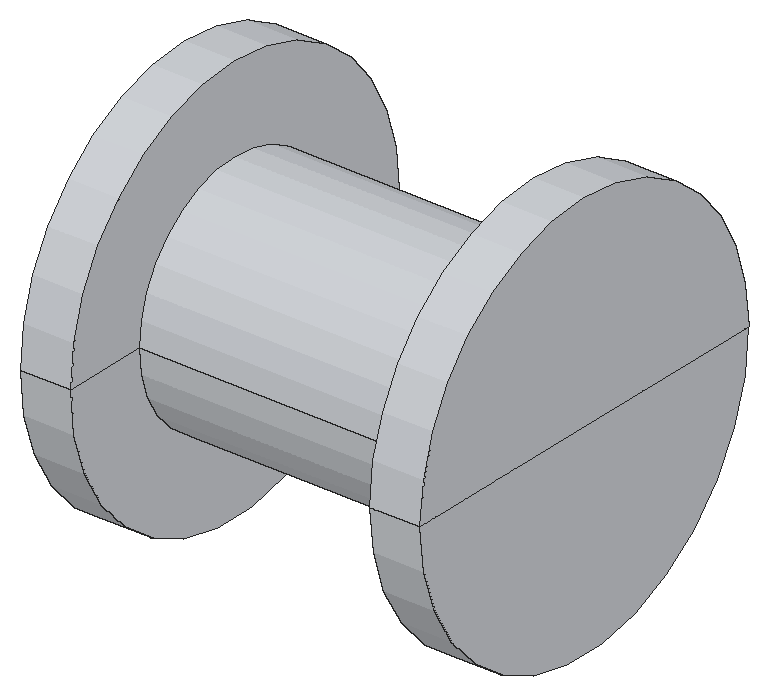
Revit family "db2185a3b821463f96a61c15aba935ff", category Pipe Fittings, Revit 2021
Family settings
  Round Connector Dimension = Use Radius
  Part Type = Union
  OmniClass Number = 23.60.30.11.14
  OmniClass Title = Pipework Fittings
  Seek Item ID = Coupling - Generic-0000-USA-ENU
  Work Plane-Based = No
  Always vertical = Yes
  Cut with Voids When Loaded = No
  Shared = No
Parameters (values of type "Standard")
  Tick Size [instance] = Socket Outside Diameter * 0.4  # 1.7920"
  Socket Outside Radius [instance] = Socket Outside Diameter / 2  # 2.2400"
  Socket Outside Diameter [instance] = size_lookup(Lookup Table Name, "SOD", 1.08 * Nominal Diameter + 1.1200", Nominal Diameter)  # 4.4800"
  Nominal Radius [instance] = 1.5000"
  Nominal Diameter [instance] = Nominal Radius * 2  # 3.0000"
  Loss Method = K Coefficient from Table
  Lookup Table Name = "Sleeve Short Solid - MJ - DI - Class 350"
  Length Not Found [instance] = if(Nominal Diameter < 14.0000", 7.5000", if(Nominal Diameter < 30.0000", 9.5000", 15.0000"))  # 7.5000"
  Length [instance] = size_lookup(Lookup Table Name, "Lgt", Length Not Found, Nominal Diameter)  # 7.5000"
  K Coefficient Table = "Reducer/Coupling/Union/Increaser"
  Gland Width [instance] = size_lookup(Lookup Table Name, "GWid", 0.03 * Nominal Diameter + 0.9400", Nominal Diameter)  # 0.9400"
  Gland Outside Radius [instance] = Gland Outside Diameter / 2  # 3.8450"
  Gland Outside Diameter [instance] = size_lookup(Lookup Table Name, "GOD", 1.16 * Nominal Diameter + 4.0300", Nominal Diameter)  # 7.6900"
  Default Elevation = 0.0000"
Reference planes (in)
  plane 1 "Center (Front/Back)": y = 0
  plane 2: z = 0
  plane 3 "Center (Left/Right)": x = 0
  plane 4: x = -3.75
  plane 5: x = 3.75
  plane 6: y = 1.792
  plane 7: y = -1.792
  plane 8: y = 2.24
  plane 9: y = 3.845
  plane 10: x = -2.81
  plane 11: x = 2.81
Forms (in)
  Revolve 1, solid, detail levels fine
    sketch origin (0, 0, 0) x (1, 0, 0) y (0, 1, 0)
      loop
        line (-3.75, 0) -> (3.75, 0) -> (3.75, 3.845) -> (2.81, 3.845) -> (2.81, 2.24) -> (-2.81, 2.24) -> (-2.81, 3.845) -> (-3.75, 3.845) -> (-3.75, 0)
      axis (-3.75, 0) -> (3.75, 0)
    angle from 0 to 360
Lines and regions (in)
  model lines, detail levels coarse+medium
    curve 1: line (-3.75, 0, 0) -> (3.75, 0, 0)
    curve 2: line (-3.75, 1.792, 0) -> (-3.75, -1.792, 0)
    curve 3: line (3.75, 1.792, 0) -> (3.75, -1.792, 0)
Dimensions and locks (in)
  equal spacing: plane 4, plane 3 "Center (Left/Right)", plane 5
  "Length": plane 4 to plane 5
  "Tick Size": plane 6 to plane 1 "Center (Front/Back)"
  "Tick Size": plane 7 to plane 1 "Center (Front/Back)"
  "Socket Outside Radius": plane 8 to plane 1 "Center (Front/Back)"
  "Gland Outside Radius": plane 9 to plane 1 "Center (Front/Back)"
  "Gland Width": plane 4 to plane 10
  "Gland Width": plane 11 to plane 5
  aligned and locked: plane 6 to curve 2
  aligned and locked: plane 7 to curve 2
  aligned and locked: curve 2 to plane 4
  aligned and locked: plane 6 to curve 3
  aligned and locked: plane 7 to curve 3
  aligned and locked: plane 5 to curve 3
  aligned and locked: plane 4 to curve 1
  aligned and locked: plane 5 to curve 1
  aligned and locked: plane 1 "Center (Front/Back)" to curve 1
  aligned and locked: plane 1 "Center (Front/Back)" to Revolve 1 sketch curve
  aligned and locked: plane 5 to Revolve 1 sketch curve
  aligned and locked: plane 11 to Revolve 1 sketch curve
  aligned and locked: Revolve 1 sketch curve to plane 9  (x2)
  aligned and locked: Revolve 1 sketch curve to plane 8
  aligned and locked: Revolve 1 sketch curve to plane 10
  aligned and locked: plane 4 to Revolve 1 sketch curve
  aligned and locked: Revolve 1 sketch curve to Revolve 1 sketch curve
Automatic sketch dimensions
  Revolve 1 sketch curve to plane 4 = 4.7500"
  Revolve 1 sketch curve to Revolve 1 sketch curve = 6.7500"
Connectors (in)
  piping at (-3.75, 0, 0), diameter 3, driven by "Nominal Radius"
    settings: on Revolve 1, index 1, connector inside diameter 3.0000", connector length 0.0000", flow factor 0, pipe flow 0 GPM, pressure drop 0.00 psi, fitting loss kfactor 0, connector angle 0.00°, fixture units 0, engagement length 0.0000", angle of deflection 0.00°, flow configuration 0, flow direction 0, fitting loss method 0, system type 28, joint type 0, gender type 0, connector reference index 2, connector utility 0, adjustable connector no, is connector primary yes, connector description ""
  piping at (3.75, 0, 0), diameter 3, driven by "Nominal Radius"
    settings: on Revolve 1, index 2, connector inside diameter 3.0000", connector length 0.0000", flow factor 0, pipe flow 0 GPM, pressure drop 0.00 psi, fitting loss kfactor 0, connector angle 0.00°, fixture units 0, engagement length 0.0000", angle of deflection 0.00°, flow configuration 0, flow direction 0, fitting loss method 0, system type 28, joint type 0, gender type 0, connector reference index 1, connector utility 0, adjustable connector no, is connector primary no, connector description ""
